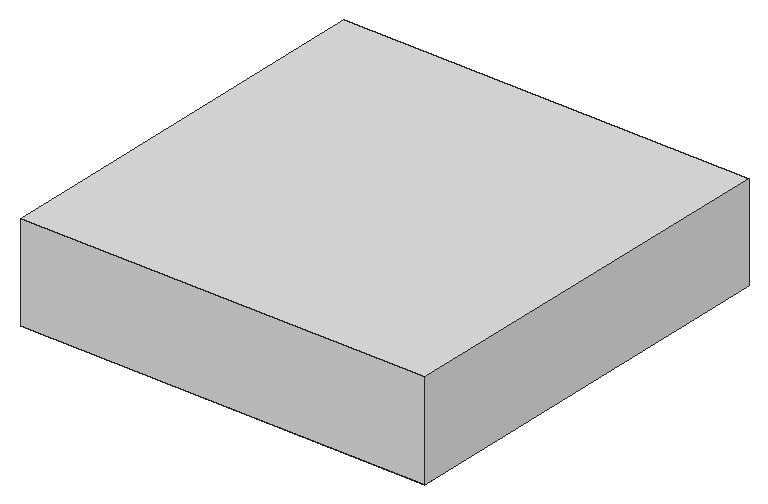
Revit family "OmniLED NM ST LED 230V 1t (takmontasje)", category Lighting Fixtures, Revit 2013
Parameters (values of type "Type 1")
  Wattage = 9.2903 W
  built-in parameter 1150110 = 1 (stored number, unit not read)
  built-in parameter 1114217 = 1 (stored number, unit not read)
  Tilt Angle = 90.00°
  built-in parameter 1150109 = 1 (stored number, unit not read)
  built-in parameter 1150134 = 3
  built-in parameter 1150113 = 1 (stored number, unit not read)
  Photometric Web File = "2x4 3Lamp.ies"
  Number of Poles = 1
  Symbol Positive Direction [instance] = yes
  built-in parameter 1150105 = 109.82 (stored number, unit not read)
  Lumens = 1380 lm
  built-in parameter 1150115 = 1 (stored number, unit not read)
  built-in parameter 1150137 = (empty or 0)
  built-in parameter 1150139 = (empty or 0)
  built-in parameter 1150112 = 1 (stored number, unit not read)
  built-in parameter 1150114 = 1 (stored number, unit not read)
  built-in parameter 1150132 = (empty or 0)
  built-in parameter 1150102 = (empty or 0)
  built-in parameter 1150107 = 3200 (stored number, unit not read)
  built-in parameter 1150138 = (empty or 0)
  built-in parameter 1150106 = 1.0982 (stored number, unit not read)
  Height = 48 mm
  Voltage = 230 V
  Symbol Offset Side [instance] = 0 mm
  Symbol Offset Out [instance] = 0 mm
  Material = Plastic - White
  Loads [instance] = 0 VA
  Length B = 160 mm
  Length A = 160 mm
  Glass Material = Plastic - Glass
  Emit from Rectangle Width = Length B  # 160 mm
  Emit from Rectangle Length = Length A  # 160 mm
  Emit Shape Visible in Rendering = no
  built-in parameter 1150104 = 13.8 (stored number, unit not read)
  Dimming Lamp Color Temperature Shift = <None>
  Color Filter = 16777215
  built-in parameter 1114218 = 1 (stored number, unit not read)
  built-in parameter 1150133 = 10 (stored number, unit not read)
Reference planes
  plane 1 "Light Source Axis (F/B)": y = 0
  plane 2: z = 0
  plane 3 "Light Source Axis (L/R)": x = 0
  plane 4 "Light Source Elevation": z = 0
  plane 5: z = -48
  plane 6: z = -45
  plane 7: z = -38
  plane 8: y = 80
  plane 9: x = 80
  plane 10: y = -80
  plane 11: x = -80
  plane 12: y = 15
  plane 13: x = 15
  plane 14: y = -15
  plane 15: x = -15
Forms (mm)
  Extrusion 1, solid, material "Plastic - White" <- "Material"
    sketch origin (0, 0, 0) x (1, 0, 0) y (0, 1, 0)
      loop
        line (-80, 80) -> (-80, -80) -> (80, -80) -> (80, 80) -> (-80, 80)
    from 0 to -38
  Blend 2, solid, material "Plastic - White" <- "Material"
    base sketch origin (0, 0, 0) x (1, 0, 0) y (0, 1, 0)
      loop
        line (-80, 80) -> (-80, -80) -> (80, -80) -> (80, 80) -> (-80, 80)
    top sketch origin (0, 0, 0) x (1, 0, 0) y (0, 1, 0)
      loop
        line (-15, 15) -> (-15, -15) -> (15, -15) -> (15, 15) -> (-15, 15)
    from -38 to -45
  Revolve 3, solid, material "Plastic - Glass" <- "Glass Material"
    sketch origin (0, 0, 0) x (1, 0, 0) y (0, 0, 1)
      loop
        line (0, -45) -> (0, -48) -> (0.8, -48)
        arc (0.8, -48) -> (2.993, -47.133) -> (4, -45) r 3.207
        line (4, -45) -> (0, -45)
      axis (0, -45) -> (0, -48)
    angle from 0 to 360
Lines and regions (mm)
  model lines, style "InvisibleLines"
    curve 1: line (0, 0, 0) -> (0, 0, -45)
Dimensions and locks
  plane 4 "Light Source Elevation" to plane 2 = 0 mm
  "Height": plane 4 "Light Source Elevation" to plane 5
  locked: plane 6 to plane 5 at 3
  locked: plane 7 to plane 5 at 10
  equal spacing: plane 11, plane 3 "Light Source Axis (L/R)", plane 9
  equal spacing: plane 8, plane 1 "Light Source Axis (F/B)", plane 10
  "Length A": plane 11 to plane 9
  "Length B": plane 8 to plane 10
  plane 12 to plane 1 "Light Source Axis (F/B)" to plane 14 = 15 mm locked, 15 mm locked
  plane 15 to plane 3 "Light Source Axis (L/R)" to plane 13 = 15 mm locked, 15 mm locked
  aligned and locked: plane 2 to level
  aligned and locked: plane 1 "Light Source Axis (F/B)" to nested 1
  aligned and locked: plane 3 "Light Source Axis (L/R)" to nested 1
  aligned and locked: Extrusion 1 sketch curve to plane 8
  aligned and locked: plane 11 to Extrusion 1 sketch curve
  aligned and locked: plane 10 to Extrusion 1 sketch curve
  aligned and locked: Extrusion 1 sketch curve to plane 9
  aligned and locked: Extrusion 1 to plane 7
  aligned and locked: Extrusion 1 to plane 4 "Light Source Elevation"
  aligned and locked: Blend 2 sketch curve to plane 8
  aligned and locked: plane 11 to Blend 2 sketch curve
  aligned and locked: plane 10 to Blend 2 sketch curve
  aligned and locked: Blend 2 sketch curve to plane 9
  aligned and locked: Blend 2 sketch curve to plane 12
  aligned and locked: plane 15 to Blend 2 sketch curve
  aligned and locked: Blend 2 sketch curve to plane 14
  aligned and locked: Blend 2 sketch curve to plane 13
  aligned and locked: plane 7 to Blend 2
  aligned and locked: Revolve 3 sketch curve to plane 3 "Light Source Axis (L/R)"  (x2)
  aligned and locked: Revolve 3 sketch curve to plane 6
  aligned and locked: Revolve 3 sketch curve to plane 5
  aligned and locked: imposter light to plane 3 "Light Source Axis (L/R)"
  aligned and locked: imposter light to plane 5
  aligned and locked: imposter light to plane 1 "Light Source Axis (F/B)"
Automatic sketch dimensions
  plane 6 to Revolve 3 sketch curve = 0.207 mm
  plane 3 "Light Source Axis (L/R)" to Revolve 3 sketch curve = 0.8 mm
  Revolve 3 sketch curve to plane 5 = 256.8 mm
  level to Revolve 3 sketch curve = 2366.751 mm
  curve 1 to level = 0 mm
  curve 1 to plane 6 = 0 mm
  curve 1 to plane 3 "Light Source Axis (L/R)" = 0 mm
Nested families
  nested 1: "LedelysS" at (0, 0, 0), type "Type 1"
Connectors
  electrical at (0, 0, 0), driven by "Voltage", driven by "Loads", driven by "Number of Poles", driven by "Loads"
    settings: on plane 4 "Light Source Elevation", index 1, voltage 230 V, apparent load 0 VA, apparent load phase1 0 VA, apparent load phase2 0 VA, apparent load phase3 0 VA, power factor 1, load classification "Lighting", number of poles 1, system type 30, power factor state 1, is connector primary yes, connector utility no, sub classification motor no, connector description ""
Definition of nested family "LedelysS"
  Parameters (values of type "Type 1")
    CQ Symbol Positive Direction = yes
    CQ Symbol Negative Direction = not(CQ Symbol Positive Direction)  # no
    CQ Symbol Offset Side = 0 mm
    CQ Symbol Offset Out = 0 mm
  Reference planes
    plane 1: y = 0
    plane 2: x = 0
  Dimensions and locks
    "CQ Symbol Offset Out": plane 1 to nested 1
    "CQ Symbol Offset Out": plane 1 to nested 2
    "CQ Symbol Offset Side": plane 2 to nested 2
    "CQ Symbol Offset Side": nested 1 to plane 2
  Nested families
    nested 1: "LedelysSub" at (0, 0, 0), visible <- "CQ Symbol Negative Direction", type "Type 1"
    nested 2: "LedelysSub" at (0, 0, 0), visible <- "CQ Symbol Positive Direction", type "Type 1"
  Definition of nested family "LedelysSub"
    Reference planes
      plane 1: y = 0
      plane 2: x = 0
    Lines and regions (mm)
      detail lines
        curve 1: line (-4, -2, 0) -> (4, -2, 0)
        curve 2: line (4, -2, 0) -> (4, 2, 0)
        curve 3: line (4, 2, 0) -> (-4, 2, 0)
        curve 4: line (-4, 2, 0) -> (-4, -2, 0)
        curve 5: line (-3.097, -1.25, 0) -> (-0.597, 1.25, 0)
        curve 6: line (-3.097, 1.25, 0) -> (-0.597, -1.25, 0)
        curve 7: circle (-1.847, 0, 0) r 1.2 normal (0, 0, 1)
    Text (mm)
      text "LL" at (2.179, 1.025, 0)
